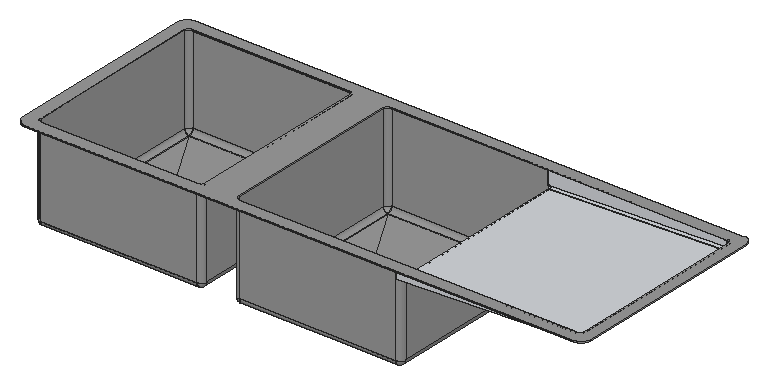
Revit family "BUILDMAT-SNA0022-Theo-1200-Drainboard-Stainless-Steel", category Plumbing Fixtures, host Face, Revit 2020
Family settings
  Host = Face
  Round Connector Dimension = Use Diameter
  Part Type = Normal
  Cut with Voids When Loaded = No
  Shared = No
  Room Calculation Point = No
Parameters (values of type "Theo 1200x500x205mm")
  Width 2 = 350.0 mm
  Width 1 = 350.0 mm
  Undermount [instance] = 20.0 mm
  URL = "https://www.buildmat.com.au/products/1200x500-sink"
  Sound Pad 2 = yes
  Sound Pad 1 = yes
  Model = "SNA0022"  # constant formula
  Manufacturer URL = "https://www.buildmat.com.au/"
  Manufacturer = "BUILDMAT"  # constant formula
  Length = 400.0 mm
  Gap = 70.0 mm
  Drainboard Length = 380.0 mm
  Drain Sound Pad 2 = yes
  Drain Sound Pad 1 = yes
  Description = "BUILDMAT - Theo 1200x500 Double Bowl with Drain Board Sink"  # constant formula
  Depth = 205.0 mm
  Default Elevation = 1200.0 mm
  D. S. Pad 2 = 175.0 mm
  D. S. Pad 1 = 200.0 mm
  D. Bracket 4 = 50.0 mm
  D. Bracket 3 = 50.0 mm
  D. Bracket 2 = 50.0 mm
  D. Bracket 1 = 100.0 mm
  Created By URL = "https://www.buildmat.com.au/"
  Created By = "BUILDMAT"  # constant formula
  Created = "22.06.2022"  # constant formula
  Bracket 4 = yes
  Bracket 3 = yes
  Bracket 2 = yes
  Bracket 1 = yes
  Material = BUILDMAT Stainless Steel
Reference planes
  plane 1 "Center (Front/Back)": y = 0
  plane 2: z = 0
  plane 3 "Center (Left/Right)": x = 0
  plane 4: x = -35
  plane 5: x = 35
  plane 6: x = -385
  plane 7: x = 385
  plane 8: y = -200
  plane 9: y = 200
  plane 10: x = -410
  plane 11: y = -225
  plane 12: y = 225
  plane 13: x = 210
  plane 14: x = -210
  plane 15: y = 190
  plane 16: y = -190
  plane 17: x = -375
  plane 18: x = -45
  plane 19: x = 45
  plane 20: x = 375
  plane 21: y = 201.5
  plane 22: y = -201.5
  plane 23: x = -386.5
  plane 24: x = -33.5
  plane 25: x = 33.5
  plane 26: x = 386.5
  plane 27: x = -267
  plane 28: x = -153
  plane 29: x = -165
  plane 30: x = -255
  plane 31: x = 153
  plane 32: x = 165
  plane 33: x = 255
  plane 34: x = 267
  plane 35 "Sound Pad 1": x = -185
  plane 36 "Sound Pad 2": x = 210
  plane 37 "Top Substrate": z = -20
  plane 38: z = -18.5
  plane 39 "Bottom Void": z = -225
  plane 40: z = -215
  plane 41: z = -205
  plane 42: z = -220
  plane 43: z = -221.481
  plane 44: z = -216.5
  plane 45 "Sound Pad": z = -125
  plane 46 "Bracket 1": x = -285
  plane 47 "Bracket 2": x = -85
  plane 48 "Bracket 3": x = 85
  plane 49 "Bracket 4": x = 335
  plane 50: y = 100
  plane 51: y = -100
  plane 52: x = -310
  plane 53: x = -110
  plane 54: x = 110
  plane 55: x = 310
  plane 56: z = -185
  plane 57: z = -165
  plane 58 "Drainboard": x = 765
  plane 59: x = 790
  plane 60: x = 766.5
  plane 61: x = 755
  plane 62: z = -35
  plane 63: z = -50
  plane 64: x = 665
Forms (mm)
  Extrusion 1, void
    sketch origin (0, 0, 0) x (1, 0, 0) y (0, 1, 0)
      loop
        arc (-375, 200) -> (-382.071, 197.071) -> (-385, 190) r 10
        line (-385, 190) -> (-385, -190)
        arc (-385, -190) -> (-382.071, -197.071) -> (-375, -200) r 10
        line (-375, -200) -> (755, -200)
        arc (755, -200) -> (762.071, -197.071) -> (765, -190) r 10
        line (765, -190) -> (765, 190)
        arc (765, 190) -> (762.071, 197.071) -> (755, 200) r 10
        line (755, 200) -> (-375, 200)
    from 0 to -18.5
  Extrusion 2, void
    sketch origin (0, 0, 0) x (1, 0, 0) y (0, 1, 0)
      loop
        arc (-390, 225) -> (-404.142, 219.142) -> (-410, 205) r 20
        line (-410, 205) -> (-410, -205)
        arc (-410, -205) -> (-404.142, -219.142) -> (-390, -225) r 20
        line (-390, -225) -> (770, -225)
        arc (770, -225) -> (784.142, -219.142) -> (790, -205) r 20
        line (790, -205) -> (790, 205)
        arc (790, 205) -> (784.142, 219.142) -> (770, 225) r 20
        line (770, 225) -> (-390, 225)
    from -20 to -18.5
  Extrusion 3, void
    sketch origin (0, 0, 0) x (1, 0, 0) y (0, 1, 0)
      loop
        line (-386.5, 201.5) -> (-386.5, -201.5) -> (766.5, -201.5) -> (766.5, 201.5) -> (-386.5, 201.5)
    from -225 to -20
  Extrusion 4, solid, material "BUILDMAT Stainless Steel" <- "Material"
    sketch origin (0, 0, -20) x (-1, 0, 0) y (0, -1, 0)
      loop
        arc (390, -225) -> (404.142, -219.142) -> (410, -205) r 20
        line (410, -205) -> (410, 205)
        arc (410, 205) -> (404.142, 219.142) -> (390, 225) r 20
        line (390, 225) -> (-770, 225)
        arc (-770, 225) -> (-784.142, 219.142) -> (-790, 205) r 20
        line (-790, 205) -> (-790, -205)
        arc (-790, -205) -> (-784.142, -219.142) -> (-770, -225) r 20
        line (-770, -225) -> (390, -225)
      loop
        arc (375, -200) -> (382.071, -197.071) -> (385, -190) r 10
        line (385, -190) -> (385, 190)
        arc (385, 190) -> (382.071, 197.071) -> (375, 200) r 10
        line (375, 200) -> (45, 200)
        arc (45, 200) -> (37.929, 197.071) -> (35, 190) r 10
        line (35, 190) -> (35, -190)
        arc (35, -190) -> (37.929, -197.071) -> (45, -200) r 10
        line (45, -200) -> (375, -200)
      loop
        line (-35, -190) -> (-35, 190)
        arc (-35, 190) -> (-37.929, 197.071) -> (-45, 200) r 10
        line (-45, 200) -> (-755, 200)
        arc (-755, 200) -> (-762.071, 197.071) -> (-765, 190) r 10
        line (-765, 190) -> (-765, -190)
        arc (-765, -190) -> (-762.071, -197.071) -> (-755, -200) r 10
        line (-755, -200) -> (-45, -200)
        arc (-45, -200) -> (-37.929, -197.071) -> (-35, -190) r 10
    from 0 to 1.5
  Extrusion 5, solid, material "BUILDMAT Stainless Steel" <- "Material"
    sketch origin (0, 0, -20) x (-1, 0, 0) y (0, -1, 0)
      loop
        arc (375, -200) -> (382.071, -197.071) -> (385, -190) r 10
        line (385, -190) -> (385, 190)
        arc (385, 190) -> (382.071, 197.071) -> (375, 200) r 10
        line (375, 200) -> (45, 200)
        arc (45, 200) -> (37.929, 197.071) -> (35, 190) r 10
        line (35, 190) -> (35, -190)
        arc (35, -190) -> (37.929, -197.071) -> (45, -200) r 10
        line (45, -200) -> (375, -200)
      loop
        arc (375, -201.5) -> (383.132, -198.132) -> (386.5, -190) r 11.5
        line (386.5, -190) -> (386.5, 190)
        arc (386.5, 190) -> (383.132, 198.132) -> (375, 201.5) r 11.5
        line (375, 201.5) -> (45, 201.5)
        arc (45, 201.5) -> (36.868, 198.132) -> (33.5, 190) r 11.5
        line (33.5, 190) -> (33.5, -190)
        arc (33.5, -190) -> (36.868, -198.132) -> (45, -201.5) r 11.5
        line (45, -201.5) -> (375, -201.5)
    from 0 to -185
  Extrusion 6, solid, material "BUILDMAT Stainless Steel" <- "Material"
    sketch origin (0, 0, -20) x (-1, 0, 0) y (0, -1, 0)
      loop
        arc (-45, -200) -> (-37.929, -197.071) -> (-35, -190) r 10
        line (-35, -190) -> (-35, 190)
        arc (-35, 190) -> (-37.929, 197.071) -> (-45, 200) r 10
        line (-45, 200) -> (-375, 200)
        arc (-375, 200) -> (-382.071, 197.071) -> (-385, 190) r 10
        line (-385, 190) -> (-385, -190)
        arc (-385, -190) -> (-382.071, -197.071) -> (-375, -200) r 10
        line (-375, -200) -> (-45, -200)
      loop
        line (-33.5, -190) -> (-33.5, 190)
        arc (-33.5, 190) -> (-36.868, 198.132) -> (-45, 201.5) r 11.5
        line (-45, 201.5) -> (-375, 201.5)
        arc (-375, 201.5) -> (-383.132, 198.132) -> (-386.5, 190) r 11.5
        line (-386.5, 190) -> (-386.5, -190)
        arc (-386.5, -190) -> (-383.132, -198.132) -> (-375, -201.5) r 11.5
        line (-375, -201.5) -> (-45, -201.5)
        arc (-45, -201.5) -> (-36.868, -198.132) -> (-33.5, -190) r 11.5
    from 0 to -185
  Extrusion 7, solid, material "BUILDMAT Stainless Steel" <- "Material"
    sketch origin (0, 0, 0) x (1, 0, 0) y (0, 0, 1)
      loop
        line (-385, -205) -> (-386.5, -205)
        arc (-386.5, -205) -> (-383.132, -213.132) -> (-375, -216.5) r 11.5
        line (-375, -216.5) -> (-375, -215)
        arc (-375, -215) -> (-382.071, -212.071) -> (-385, -205) r 10
    from -190 to 190
  Extrusion 8, solid, material "BUILDMAT Stainless Steel" <- "Material"
    sketch origin (0, 0, 0) x (1, 0, 0) y (0, 0, 1)
      loop
        arc (-35, -205) -> (-37.929, -212.071) -> (-45, -215) r 10
        line (-45, -215) -> (-45, -216.5)
        arc (-45, -216.5) -> (-36.868, -213.132) -> (-33.5, -205) r 11.5
        line (-33.5, -205) -> (-35, -205)
    from -190 to 190
  Extrusion 9, solid, material "BUILDMAT Stainless Steel" <- "Material"
    sketch origin (0, 0, 0) x (1, 0, 0) y (0, 0, 1)
      loop
        line (35, -205) -> (33.5, -205)
        arc (33.5, -205) -> (36.868, -213.132) -> (45, -216.5) r 11.5
        line (45, -216.5) -> (45, -215)
        arc (45, -215) -> (37.929, -212.071) -> (35, -205) r 10
    from -190 to 190
  Extrusion 10, solid, material "BUILDMAT Stainless Steel" <- "Material"
    sketch origin (0, 0, 0) x (1, 0, 0) y (0, 0, 1)
      loop
        arc (385, -205) -> (382.071, -212.071) -> (375, -215) r 10
        line (375, -215) -> (375, -216.5)
        arc (375, -216.5) -> (383.132, -213.132) -> (386.5, -205) r 11.5
        line (386.5, -205) -> (385, -205)
    from -190 to 190
  Extrusion 11, solid, material "BUILDMAT Stainless Steel" <- "Material"
    sketch origin (0, 0, 0) x (0, 1, 0) y (0, 0, 1)
      loop
        line (201.5, -205) -> (200, -205)
        arc (200, -205) -> (197.071, -212.071) -> (190, -215) r 10
        line (190, -215) -> (190, -216.5)
        arc (190, -216.5) -> (198.132, -213.132) -> (201.5, -205) r 11.5
    from 45 to 375
  Extrusion 12, solid, material "BUILDMAT Stainless Steel" <- "Material"
    sketch origin (0, 0, 0) x (0, 1, 0) y (0, 0, 1)
      loop
        line (-200, -205) -> (-201.5, -205)
        arc (-201.5, -205) -> (-198.132, -213.132) -> (-190, -216.5) r 11.5
        line (-190, -216.5) -> (-190, -215)
        arc (-190, -215) -> (-197.071, -212.071) -> (-200, -205) r 10
    from 45 to 375
  Extrusion 13, solid, material "BUILDMAT Stainless Steel" <- "Material"
    sketch origin (0, 0, 0) x (0, 1, 0) y (0, 0, 1)
      loop
        arc (200, -205) -> (197.071, -212.071) -> (190, -215) r 10
        line (190, -215) -> (190, -216.5)
        arc (190, -216.5) -> (198.132, -213.132) -> (201.5, -205) r 11.5
        line (201.5, -205) -> (200, -205)
    from -375 to -45
  Extrusion 14, solid, material "BUILDMAT Stainless Steel" <- "Material"
    sketch origin (0, 0, 0) x (0, 1, 0) y (0, 0, 1)
      loop
        line (-200, -205) -> (-201.5, -205)
        arc (-201.5, -205) -> (-198.132, -213.132) -> (-190, -216.5) r 11.5
        line (-190, -216.5) -> (-190, -215)
        arc (-190, -215) -> (-197.071, -212.071) -> (-200, -205) r 10
    from -375 to -45
  Revolve 15, solid, material "BUILDMAT Stainless Steel" <- "Material"
    sketch origin (-423.435, 190, 4000) x (-1, 0, 0) y (0, 0, 1)
      loop
        arc (-38.435, -4205) -> (-41.364, -4212.071) -> (-48.435, -4215) r 10
        line (-48.435, -4215) -> (-48.435, -4216.5)
        arc (-48.435, -4216.5) -> (-40.304, -4213.132) -> (-36.935, -4205) r 11.5
        line (-36.935, -4205) -> (-38.435, -4205)
      axis (-48.435, -4205) -> (-48.435, -4216.5)
    angle from -90 to 0
  Revolve 16, solid, material "BUILDMAT Stainless Steel" <- "Material"
    sketch origin (-423.435, 190, 4000) x (-1, 0, 0) y (0, 0, 1)
      loop
        line (-388.435, -4205) -> (-389.935, -4205)
        arc (-389.935, -4205) -> (-386.567, -4213.132) -> (-378.435, -4216.5) r 11.5
        line (-378.435, -4216.5) -> (-378.435, -4215)
        arc (-378.435, -4215) -> (-385.506, -4212.071) -> (-388.435, -4205) r 10
      axis (-378.435, -4205) -> (-378.435, -4216.5)
    angle from -90 to 0
  Revolve 17, solid, material "BUILDMAT Stainless Steel" <- "Material"
    sketch origin (-423.435, 190, 4000) x (-1, 0, 0) y (0, 0, 1)
      loop
        arc (-458.435, -4205) -> (-461.364, -4212.071) -> (-468.435, -4215) r 10
        line (-468.435, -4215) -> (-468.435, -4216.5)
        arc (-468.435, -4216.5) -> (-460.304, -4213.132) -> (-456.935, -4205) r 11.5
        line (-456.935, -4205) -> (-458.435, -4205)
      axis (-468.435, -4205) -> (-468.435, -4216.5)
    angle from -90 to 0
  Revolve 18, solid, material "BUILDMAT Stainless Steel" <- "Material"
    sketch origin (-423.435, 190, 4000) x (-1, 0, 0) y (0, 0, 1)
      loop
        line (-808.435, -4205) -> (-809.935, -4205)
        arc (-809.935, -4205) -> (-806.567, -4213.132) -> (-798.435, -4216.5) r 11.5
        line (-798.435, -4216.5) -> (-798.435, -4215)
        arc (-798.435, -4215) -> (-805.506, -4212.071) -> (-808.435, -4205) r 10
      axis (-798.435, -4205) -> (-798.435, -4216.5)
    angle from -90 to 0
  Revolve 19, solid, material "BUILDMAT Stainless Steel" <- "Material"
    sketch origin (-423.435, -190, 4000) x (-1, 0, 0) y (0, 0, 1)
      loop
        arc (-38.435, -4205) -> (-41.364, -4212.071) -> (-48.435, -4215) r 10
        line (-48.435, -4215) -> (-48.435, -4216.5)
        arc (-48.435, -4216.5) -> (-40.304, -4213.132) -> (-36.935, -4205) r 11.5
        line (-36.935, -4205) -> (-38.435, -4205)
      axis (-48.435, -4205) -> (-48.435, -4216.5)
    angle from 0 to 90
  Revolve 20, solid, material "BUILDMAT Stainless Steel" <- "Material"
    sketch origin (-423.435, -190, 4000) x (-1, 0, 0) y (0, 0, 1)
      loop
        arc (-389.935, -4205) -> (-386.567, -4213.132) -> (-378.435, -4216.5) r 11.5
        line (-378.435, -4216.5) -> (-378.435, -4215)
        arc (-378.435, -4215) -> (-385.506, -4212.071) -> (-388.435, -4205) r 10
        line (-388.435, -4205) -> (-389.935, -4205)
      axis (-378.435, -4205) -> (-378.435, -4216.5)
    angle from 0 to 90
  Revolve 21, solid, material "BUILDMAT Stainless Steel" <- "Material"
    sketch origin (-423.435, -190, 4000) x (-1, 0, 0) y (0, 0, 1)
      loop
        line (-456.935, -4205) -> (-458.435, -4205)
        arc (-458.435, -4205) -> (-461.364, -4212.071) -> (-468.435, -4215) r 10
        line (-468.435, -4215) -> (-468.435, -4216.5)
        arc (-468.435, -4216.5) -> (-460.304, -4213.132) -> (-456.935, -4205) r 11.5
      axis (-468.435, -4205) -> (-468.435, -4216.5)
    angle from 0 to 90
  Revolve 22, solid, material "BUILDMAT Stainless Steel" <- "Material"
    sketch origin (-423.435, -190, 4000) x (-1, 0, 0) y (0, 0, 1)
      loop
        arc (-809.935, -4205) -> (-806.567, -4213.132) -> (-798.435, -4216.5) r 11.5
        line (-798.435, -4216.5) -> (-798.435, -4215)
        arc (-798.435, -4215) -> (-805.506, -4212.071) -> (-808.435, -4205) r 10
        line (-808.435, -4205) -> (-809.935, -4205)
      axis (-798.435, -4205) -> (-798.435, -4216.5)
    angle from 0 to 90
  Extrusion 23, solid, material "BUILDMAT Stainless Steel" <- "Material"
    sketch origin (0, 0, -20) x (-1, 0, 0) y (0, -1, 0)
      loop
        line (45, -190) -> (375, -190) -> (375, 190) -> (45, 190) -> (45, -190)
    from -196.5 to -195
  Extrusion 24, solid, material "BUILDMAT Stainless Steel" <- "Material"
    sketch origin (0, 0, -20) x (-1, 0, 0) y (0, -1, 0)
      loop
        line (-45, -190) -> (-45, 190) -> (-375, 190) -> (-375, -190) -> (-45, -190)
    from -196.5 to -195
  Blend 25, solid, material "BUILDMAT Stainless Steel" <- "Material"
    base sketch origin (0, 0, -20) x (-1, 0, 0) y (0, -1, 0)
      loop
        circle (210, 0) r 57
    top sketch origin (0, 0, -20) x (-1, 0, 0) y (0, -1, 0)
      loop
        line (375, -190) -> (375, 190) -> (45, 190) -> (45, -190) -> (375, -190)
    from -201.481 to -196.5
  Blend 26, solid, material "BUILDMAT Stainless Steel" <- "Material"
    base sketch origin (0, 0, -20) x (-1, 0, 0) y (0, -1, 0)
      loop
        circle (-210, 0) r 57
    top sketch origin (0, 0, -20) x (-1, 0, 0) y (0, -1, 0)
      loop
        line (-45, -190) -> (-45, 190) -> (-375, 190) -> (-375, -190) -> (-45, -190)
    from -201.481 to -196.5
  Blend 27, void
    base sketch origin (0, 0, -20) x (-1, 0, 0) y (0, -1, 0)
      loop
        circle (210, 0) r 57
    top sketch origin (0, 0, -20) x (-1, 0, 0) y (0, -1, 0)
      loop
        line (375, -190) -> (375, 190) -> (45, 190) -> (45, -190) -> (375, -190)
    from -200 to -195
  Blend 28, void
    base sketch origin (0, 0, -20) x (-1, 0, 0) y (0, -1, 0)
      loop
        circle (-210, 0) r 57
    top sketch origin (0, 0, -20) x (-1, 0, 0) y (0, -1, 0)
      loop
        line (-45, -190) -> (-45, 190) -> (-375, 190) -> (-375, -190) -> (-45, -190)
    from -200 to -195
  Extrusion 29, void
    sketch origin (0, 0, -225) x (-1, 0, 0) y (0, -1, 0)
      loop
        circle (210, 0) r 57
    from 0 to 5
  Extrusion 30, void
    sketch origin (0, 0, -225) x (-1, 0, 0) y (0, -1, 0)
      loop
        circle (-210, 0) r 57
    from 0 to 5
  Revolve 31, solid, material "BUILDMAT Stainless Steel" <- "Material"
    sketch origin (0, 0, 0) x (1, 0, 0) y (0, 0, 1)
      loop
        spline (-267, -220) -> (-266.897, -220.653) -> (-266.591, -221.294) -> (-266.087, -221.913) -> (-265.392, -222.5) -> (-264.52, -223.044) -> (-263.485, -223.536) -> (-262.305, -223.967) -> (-261, -224.33) -> (-259.592, -224.619) -> (-258.106, -224.83) -> (-256.566, -224.957) -> (-255, -225)
        line (-255, -225) -> (-255, -223.5)
        spline (-255, -223.5) -> (-256.371, -223.47) -> (-257.718, -223.381) -> (-259.018, -223.234) -> (-260.25, -223.031) -> (-261.392, -222.777) -> (-262.425, -222.475) -> (-263.33, -222.131) -> (-264.093, -221.75) -> (-264.701, -221.339) -> (-265.142, -220.906) -> (-265.41, -220.457) -> (-265.5, -220)
        line (-265.5, -220) -> (-267, -220)
      axis (-210, -225) -> (-210, -220)
    angle from 0 to 360
  Revolve 32, solid, material "BUILDMAT Stainless Steel" <- "Material"
    sketch origin (0, 0, 0) x (1, 0, 0) y (0, 0, 1)
      loop
        line (267, -220) -> (265.5, -220)
        spline (265.5, -220) -> (265.41, -220.457) -> (265.142, -220.906) -> (264.701, -221.339) -> (264.093, -221.75) -> (263.33, -222.131) -> (262.425, -222.475) -> (261.392, -222.777) -> (260.25, -223.031) -> (259.018, -223.234) -> (257.718, -223.381) -> (256.371, -223.47) -> (255, -223.5)
        line (255, -223.5) -> (255, -225)
        spline (255, -225) -> (256.566, -224.957) -> (258.106, -224.83) -> (259.592, -224.619) -> (261, -224.33) -> (262.305, -223.967) -> (263.485, -223.536) -> (264.52, -223.044) -> (265.392, -222.5) -> (266.087, -221.913) -> (266.591, -221.294) -> (266.897, -220.653) -> (267, -220)
      axis (210, -220) -> (210, -225)
    angle from 0 to 360
  Extrusion 33, solid
    sketch origin (0, 0, 0) x (1, 0, 0) y (0, 0, 1)
      loop
        line (375, -50) -> (766.5, -35) -> (766.5, -20) -> (765, -20) -> (765, -33.561) -> (375, -48.499) -> (375, -50)
    from -190 to 190
  Revolve 34, solid
    sketch origin (-423.435, 190, 4000) x (-1, 0, 0) y (0, 0, 1)
      loop
        line (-1189.935, -4035) -> (-1178.435, -4035.441) -> (-1178.435, -4033.944) -> (-1188.435, -4033.561) -> (-1188.435, -4020) -> (-1189.935, -4020) -> (-1189.935, -4035)
      axis (-1178.435, -4035.441) -> (-1178.435, -4020)
    angle from -90 to 0
  Revolve 35, solid
    sketch origin (-423.435, -190, 4000) x (-1, 0, 0) y (0, 0, 1)
      loop
        line (-1189.935, -4035) -> (-1178.435, -4035.441) -> (-1178.435, -4033.944) -> (-1188.435, -4033.561) -> (-1188.435, -4020) -> (-1189.935, -4020) -> (-1189.935, -4035)
      axis (-1178.435, -4035.441) -> (-1178.435, -4020)
    angle from 0 to 90
  SweptBlend 36, solid
    path origin (0, 0, -20) x (-1, 0, 0) y (0, -1, 0)
      loop
        line (-375, -200) -> (-755, -200)
    profile origin (375, 200, -20) x (0, 1, 0) y (0, 0, 1)
      loop
        line (0, -28.084) -> (-10, -28.499) -> (-10, -30) -> (1.5, -29.523) -> (1.5, 0) -> (0, 0) -> (0, -28.084)
    end profile origin (755, 200, -20) x (0, 1, 0) y (0, 0, 1)
      loop
        line (0, -13.561) -> (-10, -13.976) -> (-10, -15.477) -> (1.5, -15) -> (1.5, 0) -> (0, 0) -> (0, -13.561)
  Extrusion 37, void
    sketch origin (0, 0, -20) x (-1, 0, 0) y (0, -1, 0)
      loop
        arc (-385, -190) -> (-382.071, -197.071) -> (-375, -200) r 10
        line (-375, -200) -> (-375, 200)
        arc (-375, 200) -> (-382.071, 197.071) -> (-385, 190) r 10
        line (-385, 190) -> (-385, -190)
    from -30 to 0
  SweptBlend 38, solid
    path origin (0, 0, -20) x (-1, 0, 0) y (0, -1, 0)
      loop
        line (-375, 190) -> (-755, 190)
    profile origin (375, -190, -20) x (0, 1, 0) y (0, 0, 1)
      loop
        line (-11.5, -29.523) -> (0, -30) -> (0, -28.499) -> (-10, -28.084) -> (-10, 0) -> (-11.5, 0) -> (-11.5, -29.523)
    end profile origin (755, -190, -20) x (0, 1, 0) y (0, 0, 1)
      loop
        line (0, -15.477) -> (0, -13.976) -> (-10, -13.561) -> (-10, 0) -> (-11.5, 0) -> (-11.5, -15) -> (0, -15.477)
  SweptBlend 39, void
    path origin (0, 0, -20) x (-1, 0, 0) y (0, -1, 0)
      loop
        line (-375, 0) -> (-755, 0)
    profile origin (375, 0, -20) x (0, 1, 0) y (0, 0, 1)
      loop
        line (-190, -30) -> (190, -30) -> (201.5, -29.523) -> (201.5, 0) -> (-201.5, 0) -> (-201.5, -29.523) -> (-190, -30)
    end profile origin (755, 0, -20) x (0, 1, 0) y (0, 0, 1)
      loop
        line (201.5, 0) -> (-201.5, 0) -> (-201.5, -15) -> (201.5, -15) -> (201.5, 0)
Cuts and joins
  Blend 27, Extrusion 29 cuts Extrusion 23
  Blend 27, Extrusion 29 cuts Blend 25
  joined: Extrusion 23, Blend 25
  Blend 28, Extrusion 30 cuts Extrusion 24
  Blend 28, Extrusion 30 cuts Blend 26
  joined: Extrusion 24, Blend 26
  Extrusion 37 cuts Extrusion 33
  Extrusion 37 cuts SweptBlend 36
  Extrusion 37 cuts SweptBlend 38
  SweptBlend 39 cuts Extrusion 4
  SweptBlend 39 cuts Extrusion 6
  SweptBlend 39 cuts Revolve 34
  SweptBlend 39 cuts Revolve 35
Lines and regions (mm)
  Masking region 1
    outline origin (0, 0, 0) x (1, 0, 0) y (0, 0, 1)
      loop
        line (-385, -20) -> (-385, -205)
        arc (-385, -205) -> (-382.071, -212.071) -> (-375, -215) r 10
        line (-375, -215) -> (-267, -220) -> (-153, -220) -> (-45, -215)
        arc (-45, -215) -> (-37.929, -212.071) -> (-35, -205) r 10
        line (-35, -205) -> (-35, -20) -> (-385, -20)
  Masking region 2
    outline origin (0, 0, 0) x (1, 0, 0) y (0, 0, 1)
      loop
        line (35, -20) -> (35, -205)
        arc (35, -205) -> (37.609, -211.736) -> (44.076, -214.957) r 10
        line (44.076, -214.957) -> (153, -220) -> (267, -220) -> (375, -215)
        arc (375, -215) -> (382.071, -212.071) -> (385, -205) r 10
        line (385, -205) -> (385, -20) -> (35, -20)
  Masking region 3, visible <- "Drain Sound Pad 1"
    outline origin (0, 0, 0) x (1, 0, 0) y (0, 0, 1)
      loop
        line (-267, -221.481) -> (-310, -219.498) -> (-310, -225) -> (-267, -225) -> (-267, -221.481)
  Masking region 4, visible <- "Drain Sound Pad 1"
    outline origin (0, 0, 0) x (1, 0, 0) y (0, 0, 1)
      loop
        line (-153, -221.481) -> (-153, -225) -> (-110, -225) -> (-110, -219.498) -> (-153, -221.481)
  Masking region 5, visible <- "Drain Sound Pad 2"
    outline origin (0, 0, 0) x (1, 0, 0) y (0, 0, 1)
      loop
        line (110, -219.498) -> (110, -225) -> (153, -225) -> (153, -221.481) -> (110, -219.498)
  Masking region 6, visible <- "Drain Sound Pad 2"
    outline origin (0, 0, 0) x (1, 0, 0) y (0, 0, 1)
      loop
        line (310, -219.498) -> (267, -221.481) -> (267, -225) -> (310, -225) -> (310, -219.498)
  Masking region 7
    outline origin (0, 0, 0) x (1, 0, 0) y (0, 0, 1)
      loop
        line (-33.5, -165) -> (-33.5, -185) -> (33.5, -185) -> (33.5, -165) -> (-33.5, -165)
  Masking region 8
    outline origin (-423.435, -190, 4000) x (-1, 0, 0) y (0, 0, 1)
      loop
        line (-1200.935, -4020) -> (-1202.435, -4020) -> (-1202.435, -4035) -> (-1200.935, -4035) -> (-1200.935, -4020)
  Masking region 9
    outline origin (-423.435, -190, 4000) x (-1, 0, 0) y (0, 0, 1)
      loop
        line (-809.935, -4097.929) -> (-809.935, -4055.503) -> (-816.174, -4049.264) -> (-860.437, -4047.427) -> (-809.935, -4097.929)
  Masking region 10
    outline origin (0, 0, -20) x (-1, 0, 0) y (0, -1, 0)
      loop
        arc (-375, -200) -> (-382.071, -197.071) -> (-385, -190) r 10
        line (-385, -190) -> (-385, 190)
        arc (-385, 190) -> (-382.071, 197.071) -> (-375, 200) r 10
        line (-375, 200) -> (-755, 200)
        arc (-755, 200) -> (-762.071, 197.071) -> (-765, 190) r 10
        line (-765, 190) -> (-765, -190)
        arc (-765, -190) -> (-762.071, -197.071) -> (-755, -200) r 10
        line (-755, -200) -> (-375, -200)
Text (mm)
  text "Refer to www.buildmat.com.au for the most current product literature. \nAllow a +/- 5mm tolerance for dimensions shown in the product literature. \nPlease note product details are subject to change due to ongoing product development." at (0.056, -1035.857, 0), in view "Ref. Level"
Dimensions and locks
  equal spacing: plane 4, plane 3 "Center (Left/Right)", plane 5
  "Gap": plane 4 to plane 5
  "Width 1": plane 6 to plane 4
  "Width 2": plane 5 to plane 7
  equal spacing: plane 9, plane 1 "Center (Front/Back)", plane 8
  "Length": plane 8 to plane 9
  locked: plane 10 to plane 6 at 25
  locked: plane 12 to plane 9 at 25
  locked: plane 8 to plane 11 at 25
  equal spacing: plane 5, plane 13, plane 7
  equal spacing: plane 6, plane 14, plane 4
  locked: plane 9 to plane 15 at 10
  locked: plane 16 to plane 8 at 10
  locked: plane 6 to plane 17 at 10
  locked: plane 18 to plane 4 at 10
  locked: plane 5 to plane 19 at 10
  locked: plane 20 to plane 7 at 10
  locked: plane 8 to plane 22 at 1.5
  locked: plane 21 to plane 9 at 1.5
  locked: plane 23 to plane 6 at 1.5
  locked: plane 4 to plane 24 at 1.5
  locked: plane 25 to plane 5 at 1.5
  locked: plane 7 to plane 26 at 1.5
  plane 27 to plane 14 to plane 28 = 57.0 mm locked, 57.0 mm locked
  plane 30 to plane 14 to plane 29 = 45.0 mm locked, 45.0 mm locked
  plane 31 to plane 13 to plane 34 = 57.0 mm locked, 57.0 mm locked
  plane 32 to plane 13 to plane 33 = 45.0 mm locked, 45.0 mm locked
  locked: plane 38 to plane 37 "Top Substrate" at 1.5
  plane 41 to plane 40 to plane 39 "Bottom Void" = 10.0 mm locked, 10.0 mm locked
  locked: plane 42 to plane 39 "Bottom Void" at 5
  locked: plane 42 to plane 43 at 1.481
  locked: plane 40 to plane 44 at 1.5
  locked: plane 45 "Sound Pad" to plane 39 "Bottom Void" at 100
  "Depth": plane 37 "Top Substrate" to plane 39 "Bottom Void"
  "Undermount": plane 2 to plane 37 "Top Substrate"
  "D. S. Pad 1": plane 35 "Sound Pad 1" to plane 6
  "D. S. Pad 2": plane 7 to plane 36 "Sound Pad 2"
  "D. Bracket 1": plane 46 "Bracket 1" to plane 6
  "D. Bracket 2": plane 4 to plane 47 "Bracket 2"
  "D. Bracket 3": plane 48 "Bracket 3" to plane 5
  "D. Bracket 4": plane 7 to plane 49 "Bracket 4"
  locked: plane 9 to plane 50 at 100
  locked: plane 51 to plane 8 at 100
  plane 53 to plane 14 to plane 52 = 100.0 mm locked, 100.0 mm locked
  plane 55 to plane 13 to plane 54 = 100.0 mm locked, 100.0 mm locked
  plane 57 to plane 56 to plane 41 = 20.0 mm locked, 20.0 mm locked
  "Drainboard Length": plane 7 to plane 58 "Drainboard"
  locked: plane 58 "Drainboard" to plane 59 at 25
  locked: plane 58 "Drainboard" to plane 60 at 1.5
  locked: plane 61 to plane 58 "Drainboard" at 10
  plane 37 "Top Substrate" to plane 62 to plane 63 = 15.0 mm locked, 15.0 mm locked
  locked: plane 64 to plane 58 "Drainboard" at 100
  aligned and locked: plane 2 to host face
  aligned and locked: level to host face
  aligned and locked: Extrusion 1 sketch curve to plane 9
  aligned and locked: Extrusion 1 sketch curve to plane 6
  aligned and locked: Extrusion 1 sketch curve to plane 8
  aligned and locked: Extrusion 1 to level
  aligned and locked: Extrusion 1 to plane 38
  aligned and locked: Extrusion 2 sketch curve to plane 12
  aligned and locked: Extrusion 2 sketch curve to plane 10
  aligned and locked: Extrusion 2 sketch curve to plane 11
  aligned and locked: Extrusion 2 to plane 37 "Top Substrate"
  aligned and locked: Extrusion 2 to plane 38
  aligned and locked: Extrusion 3 sketch curve to plane 21
  aligned and locked: Extrusion 3 sketch curve to plane 23
  aligned and locked: Extrusion 3 sketch curve to plane 22
  aligned and locked: Extrusion 3 to plane 39 "Bottom Void"
  aligned and locked: Extrusion 3 to plane 37 "Top Substrate"
  aligned and locked: Extrusion 4 sketch curve to plane 12
  aligned and locked: Extrusion 4 sketch curve to plane 10
  aligned and locked: Extrusion 4 sketch curve to plane 11
  aligned and locked: Extrusion 4 sketch curve to plane 9  (x2)
  aligned and locked: Extrusion 4 sketch curve to plane 6
  aligned and locked: Extrusion 4 sketch curve to plane 8  (x2)
  aligned and locked: Extrusion 4 sketch curve to plane 4
  aligned and locked: Extrusion 4 sketch curve to plane 5
  aligned and locked: Extrusion 4 to plane 37 "Top Substrate"
  aligned and locked: Extrusion 4 to plane 38
  aligned and locked: Extrusion 5 sketch curve to plane 9
  aligned and locked: Extrusion 5 sketch curve to plane 21
  aligned and locked: Extrusion 5 sketch curve to plane 6
  aligned and locked: Extrusion 5 sketch curve to plane 23
  aligned and locked: Extrusion 5 sketch curve to plane 24
  aligned and locked: Extrusion 5 sketch curve to plane 4
  aligned and locked: Extrusion 5 sketch curve to plane 22
  aligned and locked: Extrusion 5 sketch curve to plane 8
  aligned and locked: Extrusion 5 to plane 41
  aligned and locked: plane 37 "Top Substrate" to Extrusion 5
  aligned and locked: Extrusion 6 sketch curve to plane 9
  aligned and locked: Extrusion 6 sketch curve to plane 7
  aligned and locked: Extrusion 6 sketch curve to plane 8
  aligned and locked: Extrusion 6 sketch curve to plane 5
  aligned and locked: Extrusion 6 sketch curve to plane 25
  aligned and locked: Extrusion 6 sketch curve to plane 26
  aligned and locked: Extrusion 6 sketch curve to plane 21
  aligned and locked: Extrusion 6 sketch curve to plane 22
  aligned and locked: Extrusion 6 to plane 41
  aligned and locked: plane 37 "Top Substrate" to Extrusion 6
  aligned and locked: Extrusion 7 sketch curve to plane 41
  aligned and locked: Extrusion 7 sketch curve to plane 17
  aligned and locked: Extrusion 8 sketch curve to plane 41
  aligned and locked: Extrusion 8 sketch curve to plane 18
  aligned and locked: Extrusion 9 sketch curve to plane 41
  aligned and locked: Extrusion 9 sketch curve to plane 19
  aligned and locked: Extrusion 10 sketch curve to plane 20
  aligned and locked: plane 41 to Extrusion 10 sketch curve
  aligned and locked: plane 15 to Extrusion 10
  aligned and locked: plane 15 to Extrusion 9
  aligned and locked: plane 15 to Extrusion 8
  aligned and locked: plane 15 to Extrusion 7
  aligned and locked: Extrusion 10 to plane 16
  aligned and locked: Extrusion 9 to plane 16
  aligned and locked: Extrusion 8 to plane 16
  aligned and locked: Extrusion 7 to plane 16
  aligned and locked: plane 41 to Extrusion 11 sketch curve
  aligned and locked: plane 15 to Extrusion 11 sketch curve
  aligned and locked: plane 16 to Extrusion 12 sketch curve
  aligned and locked: plane 41 to Extrusion 12 sketch curve
  aligned and locked: plane 20 to Extrusion 11
  aligned and locked: plane 20 to Extrusion 12
  aligned and locked: Extrusion 11 to plane 19
  aligned and locked: Extrusion 12 to plane 19
  aligned and locked: plane 15 to Extrusion 13 sketch curve
  aligned and locked: plane 41 to Extrusion 13 sketch curve
  aligned and locked: plane 16 to Extrusion 14 sketch curve
  aligned and locked: plane 41 to Extrusion 14 sketch curve
  aligned and locked: Extrusion 14 to plane 17
  aligned and locked: plane 18 to Extrusion 14
  aligned and locked: Extrusion 13 to plane 17
  aligned and locked: plane 18 to Extrusion 13
  aligned and locked: Revolve 15 sketch curve to plane 17
  aligned and locked: plane 41 to Revolve 15 sketch curve
  aligned and locked: plane 17 to Revolve 15 sketch curve
  aligned and locked: plane 17 to Revolve 15
  aligned and locked: plane 15 to Revolve 15
  aligned and locked: Revolve 16 sketch curve to plane 18
  aligned and locked: plane 18 to Revolve 16 sketch curve
  aligned and locked: plane 41 to Revolve 16 sketch curve
  aligned and locked: Revolve 16 to plane 18
  aligned and locked: plane 15 to Revolve 16
  aligned and locked: Revolve 17 sketch curve to plane 19
  aligned and locked: plane 41 to Revolve 17 sketch curve
  aligned and locked: plane 19 to Revolve 17 sketch curve
  aligned and locked: plane 19 to Revolve 17
  aligned and locked: plane 15 to Revolve 17
  aligned and locked: Revolve 18 sketch curve to plane 20
  aligned and locked: plane 20 to Revolve 18 sketch curve
  aligned and locked: plane 41 to Revolve 18 sketch curve
  aligned and locked: Revolve 18 to plane 20
  aligned and locked: plane 15 to Revolve 18
  aligned and locked: Revolve 19 sketch curve to plane 17
  aligned and locked: plane 41 to Revolve 19 sketch curve
  aligned and locked: plane 17 to Revolve 19 sketch curve
  aligned and locked: Revolve 19 to plane 17
  aligned and locked: plane 16 to Revolve 19
  aligned and locked: Revolve 20 sketch curve to plane 18
  aligned and locked: plane 41 to Revolve 20 sketch curve
  aligned and locked: plane 18 to Revolve 20 sketch curve
  aligned and locked: plane 18 to Revolve 20
  aligned and locked: plane 16 to Revolve 20
  aligned and locked: Revolve 21 sketch curve to plane 19
  aligned and locked: plane 41 to Revolve 21 sketch curve
  aligned and locked: plane 19 to Revolve 21 sketch curve
  aligned and locked: Revolve 21 to plane 19
  aligned and locked: plane 16 to Revolve 21
  aligned and locked: Revolve 22 sketch curve to plane 20
  aligned and locked: plane 41 to Revolve 22 sketch curve
  aligned and locked: plane 20 to Revolve 22 sketch curve
  aligned and locked: plane 16 to Revolve 22
  aligned and locked: plane 20 to Revolve 22
  aligned and locked: Extrusion 23 sketch curve to plane 18
  aligned and locked: Extrusion 23 sketch curve to plane 17
  aligned and locked: Extrusion 23 sketch curve to plane 15
  aligned and locked: Extrusion 23 sketch curve to plane 16
  aligned and locked: Extrusion 23 to plane 44
  aligned and locked: plane 40 to Extrusion 23
  aligned and locked: Extrusion 24 sketch curve to plane 15
  aligned and locked: Extrusion 24 sketch curve to plane 16
  aligned and locked: Extrusion 24 sketch curve to plane 20
  aligned and locked: Extrusion 24 sketch curve to plane 19
  aligned and locked: Extrusion 24 to plane 44
  aligned and locked: Extrusion 24 to plane 40
  aligned and locked: plane 43 to Blend 25
  aligned and locked: plane 44 to Blend 25
  aligned and locked: plane 43 to Blend 26
  aligned and locked: Blend 26 to plane 44
  aligned and locked: Blend 25 sketch curve to plane 15
  aligned and locked: Blend 25 sketch curve to plane 16
  aligned and locked: Blend 25 sketch curve to plane 17
  aligned and locked: Blend 25 sketch curve to plane 18
  aligned and locked: Blend 26 sketch curve to plane 15
  aligned and locked: Blend 26 sketch curve to plane 16
  aligned and locked: Blend 26 sketch curve to plane 20
  aligned and locked: Blend 26 sketch curve to plane 19
  aligned and locked: Blend 27 sketch curve to plane 15
  aligned and locked: Blend 27 sketch curve to plane 16
  aligned and locked: Blend 27 sketch curve to plane 17
  aligned and locked: Blend 27 sketch curve to plane 18
  aligned and locked: Blend 27 to plane 42
  aligned and locked: plane 40 to Blend 27
  aligned and locked: Blend 28 sketch curve to plane 15
  aligned and locked: Blend 28 sketch curve to plane 16
  aligned and locked: Blend 28 sketch curve to plane 20
  aligned and locked: Blend 28 sketch curve to plane 19
  aligned and locked: Blend 28 to plane 42
  aligned and locked: Blend 28 to plane 40
  aligned and locked: Extrusion 29 to plane 39 "Bottom Void"
  aligned and locked: plane 42 to Extrusion 29
  aligned and locked: Extrusion 30 to plane 39 "Bottom Void"
  aligned and locked: plane 42 to Extrusion 30
  aligned and locked: plane 14 to Revolve 31 sketch curve
  aligned and locked: Revolve 31 sketch curve to plane 42
  aligned and locked: plane 30 to Revolve 31 sketch curve
  aligned and locked: Revolve 32 sketch curve to plane 13
  aligned and locked: plane 33 to Revolve 32 sketch curve
  aligned and locked: plane 42 to Revolve 32 sketch curve
  aligned and locked: plane 17 to nested 1
  aligned and locked: plane 18 to nested 1
  aligned and locked: plane 16 to nested 1
  aligned and locked: plane 15 to nested 1
  aligned and locked: plane 19 to nested 2
  aligned and locked: plane 20 to nested 2
  aligned and locked: plane 16 to nested 2
  aligned and locked: plane 13 to nested 4
  aligned and locked: plane 14 to nested 3
  aligned and locked: plane 1 "Center (Front/Back)" to nested 3
  aligned and locked: plane 1 "Center (Front/Back)" to nested 4
  aligned and locked: plane 50 to nested 5
  aligned and locked: plane 23 to nested 5
  aligned and locked: plane 51 to nested 6
  aligned and locked: plane 23 to nested 6
  aligned and locked: nested 11 to plane 46 "Bracket 1"
  aligned and locked: nested 12 to plane 47 "Bracket 2"
  aligned and locked: plane 22 to nested 11
  aligned and locked: plane 22 to nested 12
  aligned and locked: nested 13 to plane 48 "Bracket 3"
  aligned and locked: plane 22 to nested 13
  aligned and locked: nested 14 to plane 49 "Bracket 4"
  aligned and locked: plane 22 to nested 14
  aligned and locked: plane 46 "Bracket 1" to nested 7
  aligned and locked: nested 7 to plane 21
  aligned and locked: plane 47 "Bracket 2" to nested 8
  aligned and locked: nested 8 to plane 21
  aligned and locked: plane 48 "Bracket 3" to nested 9
  aligned and locked: plane 49 "Bracket 4" to nested 10
  aligned and locked: nested 10 to plane 21
  aligned and locked: nested 9 to plane 21
  aligned and locked: Masking region 1 sketch curve to plane 37 "Top Substrate"
  aligned and locked: Masking region 1 sketch curve to plane 6
  aligned and locked: Masking region 1 sketch curve to plane 4
  aligned and locked: Masking region 1 sketch curve to Extrusion 7
  aligned and locked: Masking region 1 sketch curve to Extrusion 8
  aligned and locked: Masking region 1 sketch curve to plane 42
  aligned and locked: Masking region 1 sketch curve to cut or joined group of Extrusion 23, Blend 25, Blend 27, Extrusion 29  (x2)
  aligned and locked: Masking region 2 sketch curve to plane 37 "Top Substrate"
  aligned and locked: Masking region 2 sketch curve to plane 42
  aligned and locked: Masking region 2 sketch curve to plane 7
  aligned and locked: Masking region 2 sketch curve to plane 5
  aligned and locked: Masking region 2 sketch curve to Extrusion 9
  aligned and locked: Masking region 2 sketch curve to cut or joined group of Extrusion 24, Blend 26, Blend 28, Extrusion 30  (x2)
  aligned and locked: Masking region 2 sketch curve to Extrusion 10
  aligned and locked: nested 15 to plane 37 "Top Substrate"
  aligned and locked: plane 46 "Bracket 1" to nested 15
  aligned and locked: nested 16 to plane 37 "Top Substrate"
  aligned and locked: plane 47 "Bracket 2" to nested 16
  aligned and locked: nested 18 to plane 37 "Top Substrate"
  aligned and locked: plane 49 "Bracket 4" to nested 18
  aligned and locked: nested 17 to plane 37 "Top Substrate"
  aligned and locked: plane 48 "Bracket 3" to nested 17
  aligned and locked: nested 19 to plane 45 "Sound Pad"
  aligned and locked: plane 35 "Sound Pad 1" to nested 19
  aligned and locked: nested 20 to plane 45 "Sound Pad"
  aligned and locked: plane 36 "Sound Pad 2" to nested 20
  aligned and locked: Masking region 3 sketch curve to plane 27
  aligned and locked: cut or joined group of Extrusion 23, Blend 25, Blend 27, Extrusion 29 to Masking region 3 sketch curve
  aligned and locked: Masking region 3 sketch curve to plane 39 "Bottom Void"
  aligned and locked: Masking region 3 sketch curve to plane 52
  aligned and locked: Masking region 4 sketch curve to plane 28
  aligned and locked: Masking region 4 sketch curve to plane 53
  aligned and locked: Masking region 4 sketch curve to plane 39 "Bottom Void"
  aligned and locked: Masking region 4 sketch curve to cut or joined group of Extrusion 23, Blend 25, Blend 27, Extrusion 29
  aligned and locked: cut or joined group of Extrusion 24, Blend 26, Blend 28, Extrusion 30 to Masking region 5 sketch curve
  aligned and locked: Masking region 5 sketch curve to plane 54
  aligned and locked: Masking region 5 sketch curve to plane 31
  aligned and locked: Masking region 5 sketch curve to plane 39 "Bottom Void"
  aligned and locked: Masking region 6 sketch curve to plane 55
  aligned and locked: Masking region 6 sketch curve to plane 34
  aligned and locked: Masking region 6 sketch curve to cut or joined group of Extrusion 24, Blend 26, Blend 28, Extrusion 30
  aligned and locked: Masking region 6 sketch curve to plane 39 "Bottom Void"
  aligned and locked: Masking region 7 sketch curve to plane 57
  aligned and locked: Masking region 7 sketch curve to plane 56
  aligned and locked: Masking region 7 sketch curve to plane 24
  aligned and locked: Masking region 7 sketch curve to plane 25
  aligned and locked: Extrusion 4 sketch curve to plane 59
  aligned and locked: Extrusion 4 sketch curve to plane 58 "Drainboard"
  aligned and locked: Extrusion 2 sketch curve to plane 59
  aligned and locked: Extrusion 3 sketch curve to plane 60
  aligned and locked: Extrusion 1 sketch curve to plane 58 "Drainboard"
  aligned and locked: Extrusion 33 sketch curve to plane 20
  aligned and locked: Extrusion 33 sketch curve to plane 60
  aligned and locked: plane 37 "Top Substrate" to Extrusion 33 sketch curve
  aligned and locked: Extrusion 33 sketch curve to plane 58 "Drainboard"
  aligned and locked: Extrusion 33 to plane 15
  aligned and locked: Extrusion 33 to plane 16
  aligned and locked: plane 61 to Revolve 34 sketch curve  (x2)
  aligned and locked: plane 60 to Revolve 34 sketch curve
  aligned and locked: plane 58 "Drainboard" to Revolve 34 sketch curve
  aligned and locked: Revolve 34 sketch curve to Extrusion 33
  aligned and locked: Extrusion 33 to Revolve 34 sketch curve
  aligned and locked: plane 37 "Top Substrate" to Revolve 34 sketch curve
  aligned and locked: Revolve 34 to plane 61
  aligned and locked: Revolve 34 to plane 15
  aligned and locked: Revolve 35 sketch curve to plane 37 "Top Substrate"
  aligned and locked: plane 61 to Revolve 35 sketch curve  (x2)
  aligned and locked: plane 60 to Revolve 35 sketch curve
  aligned and locked: plane 58 "Drainboard" to Revolve 35 sketch curve
  aligned and locked: plane 37 "Top Substrate" to Revolve 35 sketch curve
  aligned and locked: Extrusion 33 to Revolve 35 sketch curve
  aligned and locked: Revolve 35 sketch curve to Extrusion 33
  aligned and locked: Revolve 35 to plane 16
  aligned and locked: plane 61 to Revolve 35
  aligned and locked: plane 20 to SweptBlend 36 sketch curve
  aligned and locked: plane 61 to SweptBlend 36 sketch curve
  aligned and locked: SweptBlend 36 sketch curve to plane 9
  aligned and locked: plane 9 to SweptBlend 36 sketch curve  (x2)
  aligned and locked: plane 21 to SweptBlend 36 sketch curve  (x2)
  aligned and locked: plane 37 "Top Substrate" to SweptBlend 36 sketch curve  (x2)
  aligned and locked: plane 15 to SweptBlend 36 sketch curve  (x2)
  aligned and locked: Extrusion 37 sketch curve to plane 20
  aligned and locked: Extrusion 37 sketch curve to Extrusion 6  (x2)
  aligned and locked: plane 63 to Extrusion 37
  aligned and locked: plane 37 "Top Substrate" to Extrusion 37
  aligned and locked: plane 20 to SweptBlend 38 sketch curve
  aligned and locked: plane 61 to SweptBlend 38 sketch curve
  aligned and locked: SweptBlend 38 sketch curve to plane 16
  aligned and locked: plane 16 to SweptBlend 38 sketch curve  (x2)
  aligned and locked: plane 22 to SweptBlend 38 sketch curve  (x2)
  aligned and locked: plane 8 to SweptBlend 38 sketch curve  (x2)
  aligned and locked: plane 37 "Top Substrate" to SweptBlend 38 sketch curve  (x2)
  aligned and locked: plane 20 to SweptBlend 39 sketch curve
  aligned and locked: plane 1 "Center (Front/Back)" to SweptBlend 39 sketch curve
  aligned and locked: plane 61 to SweptBlend 39 sketch curve
  aligned and locked: plane 63 to SweptBlend 39 sketch curve
  aligned and locked: plane 37 "Top Substrate" to SweptBlend 39 sketch curve
  aligned and locked: plane 21 to SweptBlend 39 sketch curve
  aligned and locked: plane 22 to SweptBlend 39 sketch curve  (x2)
  aligned and locked: SweptBlend 39 sketch curve to plane 21
  aligned and locked: SweptBlend 39 sketch curve to plane 37 "Top Substrate"
  aligned and locked: SweptBlend 39 sketch curve to plane 62
  aligned and locked: nested 21 to plane 21
  aligned and locked: plane 64 to nested 21
  aligned and locked: nested 24 to plane 22
  aligned and locked: nested 24 to plane 64
  aligned and locked: plane 51 to nested 23
  aligned and locked: plane 60 to nested 23
  aligned and locked: plane 50 to nested 22
  aligned and locked: plane 60 to nested 22
  aligned and locked: Masking region 10 sketch curve to plane 9
  aligned and locked: Masking region 10 sketch curve to plane 8
  aligned and locked: Masking region 10 sketch curve to plane 58 "Drainboard"
  aligned and locked: Masking region 10 sketch curve to plane 7
Automatic sketch dimensions
  host sketch curve to host sketch curve = 2438.4 mm  (x2)
  Extrusion 5 sketch curve to plane 18 = 0.0 mm
  Extrusion 5 sketch curve to plane 17 = 0.0 mm  (x2)
  Extrusion 5 sketch curve to plane 16 = 0.0 mm
  Extrusion 5 sketch curve to Extrusion 5 sketch curve = 0.0 mm  (x4)
  Extrusion 6 sketch curve to plane 20 = 0.0 mm
  Extrusion 6 sketch curve to plane 19 = 0.0 mm  (x2)
  Extrusion 6 sketch curve to plane 15 = 0.0 mm
  Extrusion 6 sketch curve to Extrusion 6 sketch curve = 0.0 mm  (x4)
  Extrusion 7 sketch curve to plane 6 = 0.0 mm
  Extrusion 7 sketch curve to plane 44 = 0.0 mm
  Extrusion 8 sketch curve to plane 4 = 0.0 mm
  Extrusion 8 sketch curve to plane 44 = 0.0 mm
  Extrusion 9 sketch curve to plane 5 = 0.0 mm
  Extrusion 9 sketch curve to plane 44 = 0.0 mm
  Extrusion 10 sketch curve to plane 7 = 0.0 mm
  Extrusion 10 sketch curve to plane 44 = 0.0 mm
  Extrusion 11 sketch curve to plane 9 = 0.0 mm
  Extrusion 11 sketch curve to plane 44 = 0.0 mm
  Extrusion 12 sketch curve to plane 8 = 0.0 mm
  Extrusion 12 sketch curve to plane 44 = 0.0 mm
  Extrusion 13 sketch curve to plane 9 = 0.0 mm
  Extrusion 13 sketch curve to plane 44 = 0.0 mm
  Extrusion 14 sketch curve to plane 8 = 0.0 mm
  Extrusion 14 sketch curve to plane 44 = 0.0 mm
  Revolve 15 sketch curve to plane 6 = 0.0 mm
  Revolve 15 sketch curve to plane 44 = 0.0 mm  (x2)
  Revolve 15 sketch curve to plane 41 = 0.0 mm
  Revolve 16 sketch curve to plane 4 = 0.0 mm
  Revolve 16 sketch curve to plane 44 = 0.0 mm  (x2)
  Revolve 16 sketch curve to plane 41 = 0.0 mm
  Revolve 17 sketch curve to plane 5 = 0.0 mm
  Revolve 17 sketch curve to plane 44 = 0.0 mm  (x2)
  Revolve 17 sketch curve to plane 41 = 0.0 mm
  Revolve 18 sketch curve to plane 7 = 0.0 mm
  Revolve 18 sketch curve to plane 44 = 0.0 mm  (x2)
  Revolve 18 sketch curve to plane 41 = 0.0 mm
  Revolve 19 sketch curve to plane 6 = 0.0 mm
  Revolve 19 sketch curve to plane 44 = 0.0 mm  (x2)
  Revolve 19 sketch curve to plane 41 = 0.0 mm
  Revolve 20 sketch curve to plane 4 = 0.0 mm
  Revolve 20 sketch curve to plane 44 = 0.0 mm  (x2)
  Revolve 20 sketch curve to plane 41 = 0.0 mm
  Revolve 21 sketch curve to plane 5 = 0.0 mm
  Revolve 21 sketch curve to plane 44 = 0.0 mm  (x2)
  Revolve 21 sketch curve to plane 41 = 0.0 mm
  Revolve 22 sketch curve to plane 7 = 0.0 mm
  Revolve 22 sketch curve to plane 44 = 0.0 mm  (x2)
  Revolve 22 sketch curve to plane 41 = 0.0 mm
  plane 1 "Center (Front/Back)" to Blend 25 sketch curve = 0.0 mm
  Blend 25 sketch curve to plane 14 = 0.0 mm
  plane 1 "Center (Front/Back)" to Blend 26 sketch curve = 0.0 mm
  Blend 26 sketch curve to plane 13 = 0.0 mm
  plane 1 "Center (Front/Back)" to Blend 27 sketch curve = 0.0 mm
  Blend 27 sketch curve to plane 14 = 0.0 mm
  plane 1 "Center (Front/Back)" to Blend 28 sketch curve = 0.0 mm
  Blend 28 sketch curve to plane 13 = 0.0 mm
  plane 1 "Center (Front/Back)" to Extrusion 29 sketch curve = 0.0 mm
  Extrusion 29 sketch curve to plane 14 = 0.0 mm
  plane 1 "Center (Front/Back)" to Extrusion 30 sketch curve = 0.0 mm
  Extrusion 30 sketch curve to plane 13 = 0.0 mm
  Revolve 31 sketch curve to plane 27 = 0.0 mm
  Revolve 31 sketch curve to plane 39 "Bottom Void" = 0.0 mm
  Revolve 31 sketch curve to plane 41 = 0.0 mm
  plane 27 to Revolve 31 sketch curve = 1.5 mm
  Revolve 31 sketch curve to Revolve 31 sketch curve = 1.5 mm
  plane 39 "Bottom Void" to Revolve 31 sketch curve = 0.0 mm
  Revolve 32 sketch curve to plane 34 = 0.0 mm
  Revolve 32 sketch curve to plane 39 "Bottom Void" = 0.0 mm
  Revolve 32 sketch curve to plane 41 = 0.0 mm
  Revolve 32 sketch curve to Revolve 32 sketch curve = 1.5 mm  (x2)
  plane 39 "Bottom Void" to Revolve 32 sketch curve = 0.0 mm
  Extrusion 4 sketch curve to plane 16 = 0.0 mm
  Extrusion 4 sketch curve to plane 15 = 0.0 mm  (x3)
  Extrusion 4 sketch curve to plane 19 = 0.0 mm
  Extrusion 4 sketch curve to plane 18 = 0.0 mm  (x2)
  Extrusion 4 sketch curve to plane 17 = 0.0 mm
  plane 58 "Drainboard" to Extrusion 4 sketch curve = 5.0 mm
  Extrusion 4 sketch curve to plane 22 = 3.5 mm  (x2)
  plane 21 to Extrusion 4 sketch curve = 3.5 mm
  Extrusion 2 sketch curve to plane 23 = 3.5 mm
  plane 21 to Extrusion 2 sketch curve = 3.5 mm
  plane 58 "Drainboard" to Extrusion 2 sketch curve = 5.0 mm
  Extrusion 2 sketch curve to plane 22 = 3.5 mm
  Extrusion 1 sketch curve to plane 17 = 0.0 mm  (x2)
  Extrusion 1 sketch curve to plane 61 = 0.0 mm  (x2)
  Extrusion 33 sketch curve to plane 63 = 0.0 mm
  Extrusion 33 sketch curve to plane 62 = 0.0 mm
  Extrusion 33 sketch curve to plane 63 = 1.501 mm
  Extrusion 33 sketch curve to plane 62 = 1.439 mm
  Revolve 34 sketch curve to plane 63 = 0.0 mm
  Revolve 34 sketch curve to plane 38 = 1.5 mm
  Revolve 35 sketch curve to plane 63 = 0.0 mm
  SweptBlend 36 sketch curve to plane 37 "Top Substrate" = 28.084 mm
  SweptBlend 36 sketch curve to SweptBlend 36 sketch curve = 0.415 mm
  SweptBlend 36 sketch curve to SweptBlend 36 sketch curve = 1.501 mm  (x2)
  SweptBlend 36 sketch curve to SweptBlend 36 sketch curve = 1.439 mm  (x2)
  SweptBlend 36 sketch curve to plane 37 "Top Substrate" = 15.477 mm
  SweptBlend 36 sketch curve to SweptBlend 36 sketch curve = 0.477 mm
  SweptBlend 38 sketch curve to plane 37 "Top Substrate" = 13.976 mm
  SweptBlend 38 sketch curve to SweptBlend 38 sketch curve = 0.477 mm
  SweptBlend 38 sketch curve to SweptBlend 38 sketch curve = 1.501 mm  (x2)
  SweptBlend 38 sketch curve to SweptBlend 38 sketch curve = 1.439 mm  (x2)
  SweptBlend 38 sketch curve to plane 37 "Top Substrate" = 28.499 mm
  SweptBlend 38 sketch curve to SweptBlend 38 sketch curve = 0.415 mm
  SweptBlend 39 sketch curve to SweptBlend 39 sketch curve = 11.5 mm  (x2)
  SweptBlend 39 sketch curve to SweptBlend 39 sketch curve = 0.477 mm  (x2)
  Masking region 8 sketch curve to plane 37 "Top Substrate" = 0.0 mm
  Masking region 8 sketch curve to plane 62 = 0.0 mm
  plane 59 to Masking region 8 sketch curve = 11.0 mm
  Masking region 8 sketch curve to Masking region 8 sketch curve = 1.5 mm
  plane 45 "Sound Pad" to Masking region 9 sketch curve = 77.573 mm
  plane 26 to Masking region 9 sketch curve = 50.502 mm
  plane 45 "Sound Pad" to Masking region 9 sketch curve = 75.736 mm
  Masking region 9 sketch curve to Masking region 9 sketch curve = 44.263 mm
  plane 57 to Masking region 9 sketch curve = 67.071 mm
  Masking region 9 sketch curve to Masking region 9 sketch curve = 6.239 mm  (x2)
  Masking region 10 sketch curve to plane 16 = 0.0 mm  (x2)
  Masking region 10 sketch curve to plane 61 = 0.0 mm
  Masking region 10 sketch curve to plane 20 = 0.0 mm
  radius of Blend 25 sketch curve = 57.0 mm
  radius of Blend 26 sketch curve = 57.0 mm
  radius of Blend 27 sketch curve = 57.0 mm
  radius of Blend 28 sketch curve = 57.0 mm
  radius of Extrusion 29 sketch curve = 57.0 mm
  radius of Extrusion 30 sketch curve = 57.0 mm
Nested families
  nested 1: "BOWL Plan" at (-210, 0, -125), type "BOWL Plan"
    with Width 330.0 mm, Lenght 380.0 mm
  nested 2: "BOWL Plan" at (210, 0, -125), type "BOWL Plan"
    with Width 330.0 mm, Lenght 380.0 mm
  nested 3: "DRAIN" at (-210, 0, -20), type "DRAIN"
  nested 4: "DRAIN" at (210, 0, -20), type "DRAIN"
  nested 5: "TMB_Plan" at (-386.5, 100, -225) x (0, 1, 0) z (0, 0, 1), type "TMB_Plan"
  nested 6: "TMB_Plan" at (-386.5, -100, -225) x (0, 1, 0) z (0, 0, 1), type "TMB_Plan"
  nested 7: "TMB_Plan" at (-285, 201.5, -225), visible <- "Bracket 1", type "TMB_Plan"
  nested 8: "TMB_Plan" at (-85, 201.5, -225), visible <- "Bracket 2", type "TMB_Plan"
  nested 9: "TMB_Plan" at (85, 201.5, -225), visible <- "Bracket 3", type "TMB_Plan"
  nested 10: "TMB_Plan" at (335, 201.5, -225), visible <- "Bracket 4", type "TMB_Plan"
  nested 11: "TMB_Plan" at (-285, -201.5, -225) x (-1, 0, 0) z (0, 0, 1), visible <- "Bracket 1", type "TMB_Plan"
  nested 12: "TMB_Plan" at (-85, -201.5, -225) x (-1, 0, 0) z (0, 0, 1), visible <- "Bracket 2", type "TMB_Plan"
  nested 13: "TMB_Plan" at (85, -201.5, -225) x (-1, 0, 0) z (0, 0, 1), visible <- "Bracket 3", type "TMB_Plan"
  nested 14: "TMB_Plan" at (335, -201.5, -225) x (-1, 0, 0) z (0, 0, 1), visible <- "Bracket 4", type "TMB_Plan"
  nested 15: "TMB_Front" at (-285, 0, -20) x (1, 0, 0) z (0, -1, 0), visible <- "Bracket 1", type "TMB_Front"
  nested 16: "TMB_Front" at (-85, 0, -20) x (1, 0, 0) z (0, -1, 0), visible <- "Bracket 2", type "TMB_Front"
  nested 17: "TMB_Front" at (85, 0, -20) x (1, 0, 0) z (0, -1, 0), visible <- "Bracket 3", type "TMB_Front"
  nested 18: "TMB_Front" at (335, 0, -20) x (1, 0, 0) z (0, -1, 0), visible <- "Bracket 4", type "TMB_Front"
  nested 19: "SP_Front" at (-185, 0, -125) x (1, 0, 0) z (0, -1, 0), visible <- "Sound Pad 1", type "SP_Front"
  nested 20: "SP_Front" at (210, 0, -125) x (1, 0, 0) z (0, -1, 0), visible <- "Sound Pad 2", type "SP_Front"
  nested 21: "GB_Plan" at (665, 201.5, -20), type "GB_Plan"
  nested 22: "GB_Plan" at (766.5, 100, -20) x (0, -1, 0) z (0, 0, 1), type "GB_Plan"
  nested 23: "GB_Plan" at (766.5, -100, -20) x (0, -1, 0) z (0, 0, 1), type "GB_Plan"
  nested 24: "GB_Plan" at (665, -201.5, -20) x (-1, 0, 0) z (0, 0, 1), type "GB_Plan"
Definition of nested family "BOWL Plan"
  Parameters (values of type "BOWL Plan")
    Width [instance] = 600.0 mm
    Lenght [instance] = 400.0 mm
  Reference planes
    plane 1 "Center (Front/Back)": y = 0
    plane 2: z = 0
    plane 3 "Center (Left/Right)": x = 0
    plane 4 "Left": x = -300
    plane 5 "Right": x = 300
    plane 6 "Back": y = 200
    plane 7 "Front": y = -200
  Lines and regions (mm)
    Masking region 1, in view "Ref. Level"
      outline origin (0, 0, 0) x (1, 0, 0) y (0, 1, 0)
        loop
          line (-300, 200) -> (-300, -200) -> (300, -200) -> (300, 200) -> (-300, 200)
    detail lines, in view "Ref. Level"
      curve 1: line (-300, 200, 0) -> (300, -200, 0)
      curve 2: line (-300, -200, 0) -> (300, 200, 0)
  Dimensions and locks
    equal spacing: plane 6 "Back", plane 1 "Center (Front/Back)", plane 7 "Front"
    "Lenght": plane 6 "Back" to plane 7 "Front"
    equal spacing: plane 4 "Left", plane 3 "Center (Left/Right)", plane 5 "Right"
    "Width": plane 4 "Left" to plane 5 "Right"
    aligned and locked: plane 4 "Left" to Masking region 1 sketch curve
    aligned and locked: Masking region 1 sketch curve to plane 5 "Right"
    aligned and locked: plane 7 "Front" to Masking region 1 sketch curve
    aligned and locked: Masking region 1 sketch curve to plane 6 "Back"
  Automatic sketch dimensions
    curve 2 to plane 4 "Left" = 0.0 mm
    curve 1 to plane 4 "Left" = 0.0 mm
    curve 2 to plane 5 "Right" = 0.0 mm
    curve 1 to plane 5 "Right" = 0.0 mm
    curve 1 to plane 7 "Front" = 0.0 mm
    curve 2 to plane 7 "Front" = 0.0 mm
    curve 2 to plane 6 "Back" = 0.0 mm
    curve 1 to plane 6 "Back" = 0.0 mm
Definition of nested family "DRAIN"
  Reference planes
    plane 1 "Center (Front/Back)": y = 0
    plane 2: z = 0
    plane 3 "Center (Left/Right)": x = 0
  Lines and regions (mm)
    Masking region 1, in view "Ref. Level"
      outline origin (0, 0, 0) x (1, 0, 0) y (0, 1, 0)
        loop
          circle (0, 0) r 57
    detail lines, in view "Ref. Level"
      curve 1: circle (0, 0, 0) r 45 normal (0, 0, 1)
      curve 2: circle (0, 0, 0) r 55.5 normal (0, 0, 1)
Definition of nested family "TMB_Plan"
  Reference planes
    plane 1 "Center (Front/Back)": y = 0
    plane 2: z = 0
    plane 3 "Center (Left/Right)": x = 0
  Lines and regions (mm)
    detail lines, in view "Ref. Level"
      curve 1: line (-17.5, 0, 0) -> (17.5, 0, 0)
      curve 2: line (17.5, 0, 0) -> (17.5, 5, 0)
      curve 3: line (17.5, 5, 0) -> (12.5, 5, 0)
      curve 4: line (-17.5, 0, 0) -> (-17.5, 5, 0)
      curve 5: line (-17.5, 5, 0) -> (-12.5, 5, 0)
Definition of nested family "TMB_Front"
  Reference planes
    plane 1 "Center (Elevation)": y = 0
    plane 2: z = 0
    plane 3 "Center (Left/Right)": x = 0
  Lines and regions (mm)
    Masking region 1, in view "Ref. Level"
      outline origin (0, 0, 0) x (1, 0, 0) y (0, 1, 0)
        loop
          line (-17.5, 0) -> (-17.5, -80) -> (17.5, -80) -> (17.5, 0) -> (-17.5, 0)
    detail lines, in view "Ref. Level"
      curve 1: line (-17.5, 0, 0) -> (-17.5, -80, 0)
      curve 2: line (-17.5, -80, 0) -> (17.5, -80, 0)
      curve 3: line (17.5, -80, 0) -> (17.5, 0, 0)
      curve 4: line (-12.5, -50, 0) -> (12.5, -50, 0)
      curve 5: line (-12.5, -75, 0) -> (-12.5, -50, 0)
      curve 6: line (12.5, -75, 0) -> (-12.5, -75, 0)
      curve 7: line (12.5, -50, 0) -> (12.5, -75, 0)
Definition of nested family "SP_Front"
  Reference planes
    plane 1 "Center (Elevation)": y = 0
    plane 2: z = 0
    plane 3 "Center (Left/Right)": x = 0
  Lines and regions (mm)
    Masking region 1, in view "Ref. Level"
      outline origin (0, 0, 0) x (1, 0, 0) y (0, 1, 0)
        loop
          arc (-50, 40) -> (-57.071, 37.071) -> (-60, 30) r 10
          line (-60, 30) -> (-60, -30)
          arc (-60, -30) -> (-57.071, -37.071) -> (-50, -40) r 10
          line (-50, -40) -> (50, -40)
          arc (50, -40) -> (57.071, -37.071) -> (60, -30) r 10
          line (60, -30) -> (60, 30)
          arc (60, 30) -> (57.071, 37.071) -> (50, 40) r 10
          line (50, 40) -> (-50, 40)
    detail lines, in view "Ref. Level"
      curve 1: line (-50, 40, 0) -> (50, 40, 0)
      curve 2: line (50, -40, 0) -> (-50, -40, 0)
      curve 3: line (60, 30, 0) -> (60, -30, 0)
      curve 4: line (-60, 30, 0) -> (-60, -30, 0)
      curve 5: arc (-50, 40, 0) -> (-57.071, 37.071, 0) -> (-60, 30, 0) r 10
      curve 6: arc (-60, -30, 0) -> (-57.071, -37.071, 0) -> (-50, -40, 0) r 10
      curve 7: arc (50, -40, 0) -> (57.071, -37.071, 0) -> (60, -30, 0) r 10
      curve 8: arc (60, 30, 0) -> (57.071, 37.071, 0) -> (50, 40, 0) r 10
  Dimensions and locks
    aligned and locked: Masking region 1 sketch curve to curve 1
    aligned and locked: Masking region 1 sketch curve to curve 4
    aligned and locked: Masking region 1 sketch curve to curve 2
    aligned and locked: Masking region 1 sketch curve to curve 3
Definition of nested family "GB_Plan"
  Reference planes
    plane 1 "Center (Front/Back)": y = 0
    plane 2: z = 0
    plane 3 "Center (Left/Right)": x = 0
  Lines and regions (mm)
    detail lines, in view "Ref. Level"
      curve 1: line (-10, 0, 0) -> (10, 0, 0)
      curve 2: line (-10, 0, 0) -> (-10, 10, 0)
      curve 3: line (10, 0, 0) -> (10, 10, 0)
      curve 4: line (-10, 10, 0) -> (-6.464, 13.536, 0)
      curve 5: line (10, 10, 0) -> (6.464, 13.536, 0)
